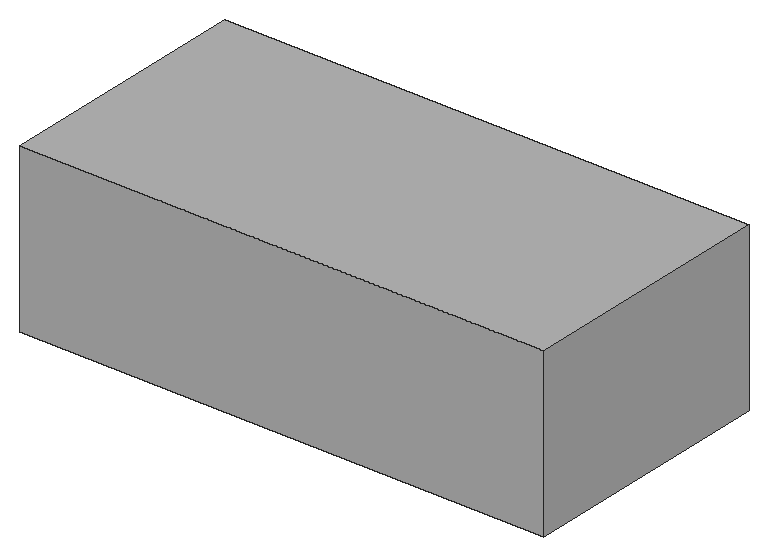
Revit family "215x140x440mm Padstone -PS111", category Generic Models, Revit 2020
Family settings
  Can host rebar = No
  Round Connector Dimension = Use Diameter
  Part Type = Normal
  Work Plane-Based = No
  Always vertical = Yes
  Cut with Voids When Loaded = No
  Shared = No
  Room Calculation Point = No
Parameters
  Weight = "32Kg"
  Warranty Guarantor Parts = "n/a"
  Warranty Guarantor Labour = "n/a"
  Warranty Duration Unit = "n/a"
  Warranty Duration Parts = "n/a"
  Warranty Duration Labour = "n/a"
  Warranty Description = "n/a"
  Unit Width [instance] = 215 mm
  Unit Length [instance] = 440 mm
  Unit Height [instance] = 140 mm
  URL = "www.killeshal.com"
  Types = "Single"
  Type Comments = "Visit our website for a full list of available products."
  Sustainability Performance = "n/a"
  Structural Class = "n/a"
  Span = "Length."
  Slope = "0.00°"
  Size = "215 Wide x 140 High x 440mm Long."
  Shape = "As per drawing"
  Service Life = "0.000000"
  Serial Number = "n/a"
  Resistance to Fire = "n/a"
  Replacement Cost = "n/a"
  Reference = "n/a"
  Notified Body = "n/a"
  Nominal Cover to Main Bar = "n/a"
  Model = "P/111 Padstone."
  Mechanical Resistance = "n/a"
  Manufacturer = "Killeshal Precast Concrete Ltd."
  Load Bearing = yes
  Life Cycle Environmental Load = "n/a"
  Length Options = "Stock sizes available. Custom sizes made to order."
  Keynote = "The information contained is the sole property of KPC Ltd., any reproduction in part or whole without permission of KPC Ltd. is prohibited."
  Environmental Product Declaration = "n/a"
  Environmental Class = "n/a"
  Durability against Corrosion = "n/a"
  Dimension Accuracy Class = "n/a"
  Detailing = "As per design specification and product drawings."
  Description = "Padstone 215 x 140 x 440mm."
  Default Elevation = 0 mm
  Dangerous Substances = "n/a"
  Contact Tel = "0035357 9353018"
  Contact Email = "sales@killeshal.com"
  Construction Type = "Precast"
  Construction Tolerance Class = "n/a"
  Compressive Strength of Concrete = "40N/mm²"
  Characteristics of Reinforcing Steel = "n/a"
  Characteristics Deflection Under Load = "n/a"
Reference planes
  plane 1 "Center (Front/Back)": y = 0
  plane 2: z = 0
  plane 3 "Center (Left/Right)": x = 0
  plane 4 "Rear": y = 107.5
  plane 5 "Front": y = -107.5
  plane 6 "Top": z = 140
Forms (mm)
  Extrusion 1, solid, material "Precast Concrete (KPC)"
    sketch origin (0, 0, 0) x (0, 1, 0) y (0, 0, 1)
      loop
        line (107.5, 0) -> (107.5, 140) -> (-107.5, 140) -> (-107.5, 0) -> (107.5, 0)
    from 0 to 440
Dimensions and locks
  "Unit Length": Extrusion 1 to Extrusion 1
  "Unit Width": Extrusion 1 to Extrusion 1
  "Unit Height": Extrusion 1 to Extrusion 1
  aligned and locked: level to plane 2
Automatic sketch dimensions
  Extrusion 1 sketch curve to level = 0 mm
  Extrusion 1 sketch curve to plane 5 "Front" = 0 mm
  Extrusion 1 sketch curve to plane 4 "Rear" = 0 mm
  Extrusion 1 sketch curve to plane 6 "Top" = 0 mm
